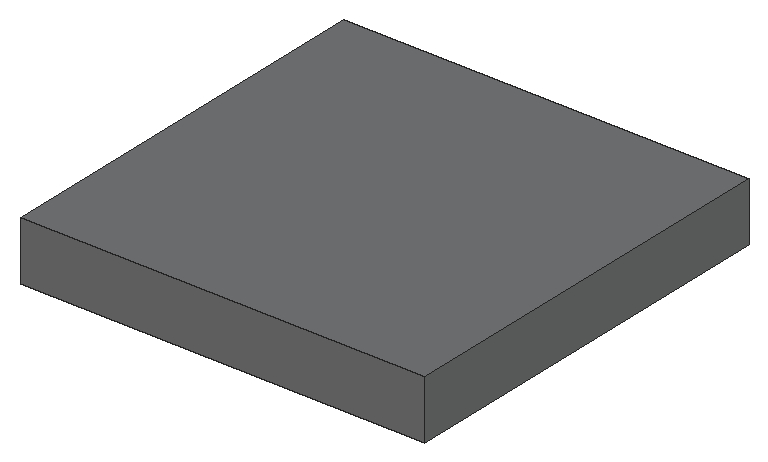
Revit family "Gira_028728", category Electrical Fixtures, host Face, Revit 2017
Family settings
  Host = Face
  Maintain Annotation Orientation = No
  Round Connector Dimension = Use Diameter
  Part Type = Normal
  Cut with Voids When Loaded = No
  Shared = No
  Room Calculation Point = No
Parameters (values of type "Wippe Symb. Tür System 55 Anthrazit")
  Werkstoffgüte = "Thermoplast"
  Werkstoff = "Kunststoff"
  Verwendung = "Schalter/Taster"
  URL = "http://katalog.gira.de/de_DE/datenblatt.html?artikelnr=028728"
  Region = "DE"
  Oberfläche = "sonstige"
  Name = "Wippe Symb. Tür System 55 Anthrazit"
  Mit austauschbarer Linse/Symbol = "No"
  Mit Beschriftungsfeld = "No"
  Manufacturer URL = "https://www.gira.de/"
  Kontrollfenster/Lichtauslass = "Yes"
  Keynote = "Sys55_Abdeckung_Schalten und Tasten"
  HeinzeBIM = "https://bimportal.heinze.de/bim/wippe-symb-tuer-system-55-anthrazit/a349f070fd46f9dd1125cb9556e3ed8e65578ebf"
  Halogenfrei = "Yes"
  HAN = "028728"
  Geeignet für Schutzart (IP) = "IP20"
  Geeignet für Bussystem-Tasterankopplung = "No"
  GTIN = "4010337287285"
  Farbe = "anthrazit"
  Default Elevation = 1219.2 mm
  Data sheet (1) = "https://katalog.gira.de/de_DE/download.html?artikelnr=028728"
  Category = "Abdeckung/Bedienelement für Installationsschalterprogramme"
  Befestigungsart = "Klemmbefestigung"
  Available = "Yes"
  Ausführung = "einteilige Wippe"
  Aufdruck/Kennzeichnung = "Symbol \"Schlüssel/Tür\""
  Anthrazit [instance] = Anthrazit
  Abtastbares Symbol/barrierefrei = "No"
Reference planes
  plane 1 "Center (Front/Back)": y = 0
  plane 2: z = 0
  plane 3 "Center (Left/Right)": x = 0
Forms (mm)
  Extrusion 1, solid, material "Anthrazit" <- "Anthrazit", detail levels fine
    sketch origin (0, 0, 0) x (1, 0, 0) y (0, 1, 0)
      loop
        line (-27.5, 27.5) -> (-27.5, -27.5) -> (27.5, -27.5) -> (27.5, 27.5) -> (-27.5, 27.5)
    from 0 to 8
  Extrusion 2, void
    sketch origin (0, 0, 0) x (1, 0, 0) y (0, 1, 0)
      loop
        line (26, 26) -> (-26, 26) -> (-26, -26) -> (26, -26) -> (26, 26)
    from 0 to 6
  Extrusion 3, solid, material "Anthrazit" <- "Anthrazit", detail levels medium
    sketch origin (0, 0, 0) x (1, 0, 0) y (0, 1, 0)
      loop
        line (-27.5, 27.5) -> (-27.5, -27.5) -> (27.5, -27.5) -> (27.5, 27.5) -> (-27.5, 27.5)
    from 0 to 8
  Extrusion 4, solid, material "Anthrazit" <- "Anthrazit", detail levels medium
    sketch origin (0, 0, 0) x (1, 0, 0) y (0, 1, 0)
      loop
        line (11, -17.5) -> (11, 17.5) -> (-11, 17.5) -> (-11, -17.5) -> (11, -17.5)
    from -6 to 6
  Extrusion 5, solid, material "Anthrazit" <- "Anthrazit", detail levels fine
    sketch origin (0, 0, 0) x (1, 0, 0) y (0, 1, 0)
      loop
        line (11, 17.5) -> (-11, 17.5) -> (-11, 16.5) -> (11, 16.5) -> (11, 17.5)
      loop
        line (-11, -16.5) -> (-11, -17.5) -> (11, -17.5) -> (11, -16.5) -> (-11, -16.5)
    from -4 to 6
  Extrusion 6, solid, material "Anthrazit" <- "Anthrazit", detail levels fine
    sketch origin (0, 0, 0) x (1, 0, 0) y (0, 1, 0)
      loop
        arc (5, 9.347) -> (0, 10.6) -> (-5, 9.347) r 10.6
        line (-5, 9.347) -> (-5, -9.347)
        arc (-5, -9.347) -> (0, -10.6) -> (5, -9.347) r 10.6
        line (5, -9.347) -> (5, 9.347)
    from -6 to 6
  Extrusion 7, solid, material "Anthrazit" <- "Anthrazit", detail levels coarse
    sketch origin (0, 0, 0) x (1, 0, 0) y (0, 1, 0)
      loop
        line (-27.5, 27.5) -> (-27.5, -27.5) -> (27.5, -27.5) -> (27.5, 27.5) -> (-27.5, 27.5)
    from -6 to 8
Cuts and joins
  Extrusion 2 cuts Extrusion 1
Dimensions and locks
  aligned and locked: plane 2 to host face
  aligned and locked: level to host face
